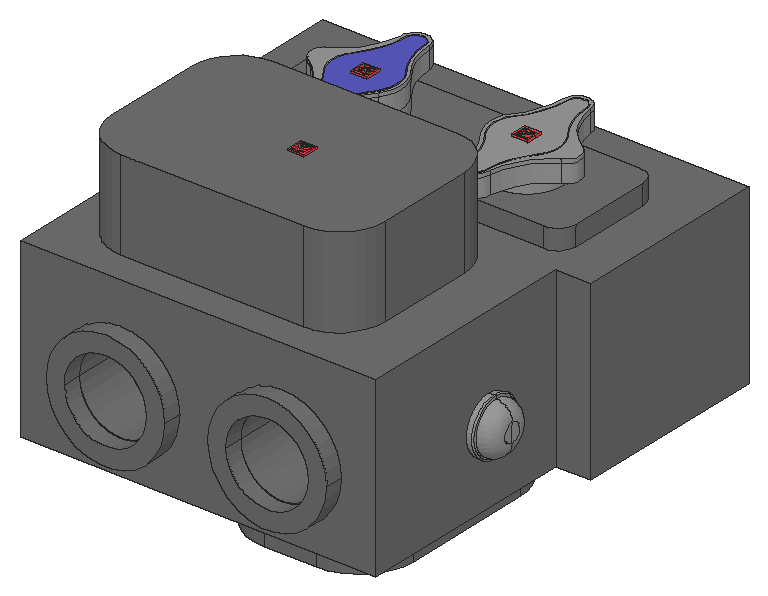
Revit family "HerzCon-Direktanschluss für FanCoils 90mm", category Rohrzubehör, Revit 2019
Family settings
  Bemaßung runder Anschluss = Durchmesser verwenden
  Teiletyp = Unterbricht
  OmniClass-Nummer = 23.65.55.14
  OmniClass-Titel = Valves for Liquid Services
  Arbeitsebenenbasiert = Nein
  Immer vertikal = Ja
  Beim Laden mit Abzugskörper schneiden = Nein
  Gemeinsam genutzt = Nein
Parameters (values of type "DN25")
  kvs-Wert (normale Funktion) = "2.75"  # constant formula
  kvs-Wert (Bypass Funktion) = "10.00"  # constant formula
  URL = "www.herz-armaturen.at"
  SCRNSEQ = "ARM;TYP_ARM=\"DURR\";02"
  SCRNCODE = "05;04;04"  # constant formula
  Nennweite SF [instance] = 32.00 mm  # constant formula
  Nennweite Kombi [instance] = 32.00 mm  # constant formula
  Nennweite KH [instance] = 25.00 mm  # constant formula
  Min. Betriebstemperatur = -20 °C  # constant formula
  Membrane und O-Ringe = "EPDM"  # constant formula
  Medium = "Heizungswasser gemäß ÖNORM H5195 oder VDI-Standard 2035.\r\nDie Verwendung von Ethylen- oder Propylenglykol-Gemischen in einem Verhältnis von 25-50 Vol.- % ist erlaubt."
  Max. Differenzdruck = 400000.0 Pa  # constant formula
  Max. Betriebstemperatur = 130 °C  # constant formula
  Max. Betriebsdruck = 2500000.0 Pa  # constant formula
  L11 = 14.00 mm  # constant formula
  L10 = 25.00 mm  # constant formula
  L09 = 16.00 mm  # constant formula
  L08 = 14.75 mm  # constant formula
  L07 = 12.50 mm  # constant formula
  L06 = 20.50 mm  # constant formula
  L04 = 45.00 mm  # constant formula
  L03 = 18.00 mm  # constant formula
  L02 = 4.80 mm  # constant formula
  L01 = 19.85 mm  # constant formula
  L00 [instance] = 189.70 mm  # constant formula
  L05 = 22.00 mm  # constant formula
  Isolierschalen = "EPP, wasserdampfdiffusionsdicht, schwarz"  # constant formula
  Hub = "4 mm"  # constant formula
  Hersteller = "HERZ Armaturen Ges.m.b.H."  # constant formula
  H02 = D02 + 1.00 mm  # 28.00 mm
  H01 = 39.50 mm  # constant formula
  Gehäuse = "entzinkungsbeständiges Messing"  # constant formula
  Dämmung [instance] = yes
  D11 = 20.00 mm  # constant formula
  D10 = 13.00 mm  # constant formula
  D09 = 18.90 mm  # constant formula
  D08 = 19.10 mm  # constant formula
  D07 = 14.85 mm  # constant formula
  D06 = 32.60 mm  # constant formula
  D05 = 33.80 mm  # constant formula
  D04 = 15.50 mm  # constant formula
  D03 = 21.25 mm  # constant formula
  D02 = 27.00 mm  # constant formula
  D01 = 15.00 mm  # constant formula
  Bestellnummer Isolierschale [instance] = 1470098  # constant formula
  Bestellnummer [instance] = 1460058  # constant formula
  Anwendungen = "Die HerzCON wurden entwickelt, um eine einfache Verbindung zu Gebläsekonvektoren oder anderen Anschlusseinheiten herzustellen.\r\nEin HerzCON ist eine Einheit, bestehend aus einem druckunabhängigen Kombiventil-Volumenstromregler (4006), Herz-Schmutzfänger, Herz-Entleerungshahn (2512) und zwei Herz-Multifunktionskugelhähnen.\r\nDas Ein-/ Aus Schalten sowie Modulieren ist über einen 0-10 V Stellantrieb möglich und kann bei Bedarf in eine GLT integriert werden.\r\nDie Einheit optimiert die Energieeffizienz des Systems, da es eine druckunabhängige Regelung ist, die den vollen Regelbereich unabhängig von Druckschwankungen gewährleistet, während gleichzeitig ein konstanter Durchfluss sichergestellt wird.\r\nMit der HerzCON können auch Spül- und Absperrvorgänge durchgeführt werden.\r\nEine Einheit kann für Heizen und Kühlen verwendet werden.\r\nEs gibt daher keinen Produktunterschied zwischen Heizen und Kühlen.\r\nDer am Sieb angebrachte Ablasshahn ermöglicht ein Spülen, ohne dass der Siebkorb entfernt werden muss.\r\nAußerdem kann der Siebkorb vor Ort gereinigt werden."
Reference planes
  plane 1 "Mitte (Vorne/hinten)": y = 0
  plane 2: z = 0
  plane 3 "Mitte (Links/rechts)": x = 0
Forms (mm)
  Revolve 1, solid, material "Messing, weicher Gelbton, geschweißt", detail levels fine
    sketch origin (-0.315, -1.436, 0) x (1, 0, 0) y (0, 1, 0)
      loop
        line (-94.535, 1.436) -> (95.165, 1.436) -> (95.165, 16.436) -> (75.315, 16.436) -> (75.315, 28.436) -> (23.115, 28.436) -> (23.115, 22.686) -> (18.315, 22.686) -> (18.315, 16.936) -> (-17.685, 16.936) -> (-17.685, 22.686) -> (-22.485, 22.686) -> (-22.485, 28.436) -> (-74.685, 28.436) -> (-74.685, 16.436) -> (-94.535, 16.436) -> (-94.535, 1.436)
      axis (95.165, 1.436) -> (-94.535, 1.436)
    angle from 0 to 360
  Revolve 2, solid, material "Messing, weicher Gelbton, geschweißt", detail levels fine
    sketch origin (0, 0, 0) x (1, 0, 0) y (0, 1, 0)
      loop
        line (-45, 28.35) -> (-57.5, 28.35) -> (-57.5, 47.45) -> (-65.5, 47.45) -> (-65.5, 32.6) -> (-67, 32.6) -> (-67, -33.8) -> (-59.75, -33.8) -> (-59.75, -45.7) -> (-70, -45.7) -> (-70, -65.7) -> (-61, -65.7) -> (-61, -52.7) -> (-45, -52.7) -> (-45, 28.35)
      axis (-45, 47.45) -> (-45, -65.7)
    angle from 0 to 360
  Revolve 3, solid, material "Messing, weicher Gelbton, geschweißt", detail levels fine
    sketch origin (0, 0, 0) x (-1, 0, 0) y (0, 1, 0)
      loop
        line (-45, 28.35) -> (-57.5, 28.35) -> (-57.5, 47.45) -> (-65.5, 47.45) -> (-65.5, 32.6) -> (-67, 32.6) -> (-67, -33.8) -> (-59.75, -33.8) -> (-59.75, -45.7) -> (-70, -45.7) -> (-70, -65.7) -> (-61, -65.7) -> (-61, -52.7) -> (-45, -52.7) -> (-45, 28.35)
      axis (-45, 47.45) -> (-45, -65.7)
    angle from 0 to 360
  Revolve 4, solid, material "Messing, weicher Gelbton, geschweißt", detail levels fine
    sketch origin (0, 0, 0) x (1, 0, 0) y (0, 0, 1)
      loop
        line (-45, 0) -> (-45, 39.5) -> (-59, 39.5) -> (-59, 0) -> (-45, 0)
      axis (-45, 0) -> (-45, 39.5)
    angle from 0 to 360
  Revolve 5, solid, material "Messing, weicher Gelbton, geschweißt", detail levels fine
    sketch origin (0, 0, 0) x (-1, 0, 0) y (0, 0, 1)
      loop
        line (-45, 0) -> (-45, 39.5) -> (-59, 39.5) -> (-59, 0) -> (-45, 0)
      axis (-45, 0) -> (-45, 39.5)
    angle from 0 to 360
  Revolve 6, solid, material "Messing, weicher Gelbton, geschweißt", detail levels fine
    sketch origin (0, 33.127, 0) x (1, 0, 0) y (0, 1, 0)
      loop
        line (45, -87.677) -> (29, -87.677) -> (29, -96.677) -> (30, -96.677) -> (30, -154.677) -> (29, -154.677) -> (29, -163.677) -> (45, -163.677) -> (45, -87.677)
      axis (45, -87.677) -> (45, -163.677)
    angle from 0 to 360
  Revolve 7, solid, material "Messing, weicher Gelbton, geschweißt", detail levels fine
    sketch origin (0, 0, 0) x (1, 0, 0) y (0, 1, 0)
      loop
        line (25, -92.55) -> (25, -107.55) -> (45, -107.55) -> (60, -111.55) -> (68, -111.55) -> (68, -107.55) -> (78, -107.55) -> (78, -105.55) -> (91, -105.55) -> (91, -106.55) -> (100, -106.55) -> (100, -92.55) -> (25, -92.55)
      axis (25, -92.55) -> (100, -92.55)
    angle from 0 to 360
  Revolve 8, solid, material "Messing, weicher Gelbton, geschweißt", detail levels fine
    sketch origin (0, 0, 0) x (1, 0, 0) y (0, 1, 0)
      loop
        line (25, -92.55) -> (11, -92.55) -> (11, -103.55) -> (15, -103.55) -> (15, -109.55) -> (25, -109.55) -> (25, -92.55)
      axis (11, -92.55) -> (25, -92.55)
    angle from 0 to 360
  Extrusion 9, solid, material "Messing, weicher Gelbton, geschweißt", detail levels fine
    sketch origin (0, 0, 0) x (0, 1, 0) y (0, 0, 1)
      loop
        line (-87.8, 46) -> (-97.3, 46) -> (-130.012, 27.114) -> (-134.762, 18.886) -> (-134.762, -18.886) -> (-130.012, -27.114) -> (-97.3, -46) -> (-87.8, -46) -> (-55.088, -27.114) -> (-50.338, -18.886) -> (-50.338, 18.886) -> (-55.088, 27.114) -> (-87.8, 46)
    from 11 to -10.6
  Revolve 10, solid, material "Messing, weicher Gelbton, geschweißt", detail levels fine
    sketch origin (0, 0, 0) x (1, 0, 0) y (0, 1, 0)
      loop
        line (-10.6, -92.55) -> (-10.6, -62.694) -> (-14.1, -75.05) -> (-14.1, -92.55) -> (-10.6, -92.55)
      axis (-14.1, -92.55) -> (-10.6, -92.55)
    angle from 0 to 360
  Extrusion 11, solid, material "Messing, weicher Gelbton, geschweißt", detail levels fine
    sketch origin (0, 0, 0) x (1, 0, 0) y (0, 0, 1)
      loop
        line (11, 8) -> (-6.1, 8)
        arc (-6.1, 8) -> (-14.1, 0) -> (-6.1, -8) r 8
        line (-6.1, -8) -> (11, -8) -> (11, 8)
    from 49.053 to 92.55
  Revolve 12, solid, material "Messing, weicher Gelbton, geschweißt", detail levels fine
    sketch origin (0, 0, 0) x (1, 0, 0) y (0, 1, 0)
      loop
        line (-13.1, -49.053) -> (-6.1, -49.053) -> (-6.1, -33.053) -> (-13.1, -33.053) -> (-13.1, -44.053) -> (-10.1, -44.053) -> (-10.1, -46.053) -> (-13.1, -46.053) -> (-13.1, -49.053)
      axis (-6.1, -33.053) -> (-6.1, -49.053)
    angle from 0 to 360
  Revolve 13, solid, material "Messing, weicher Gelbton, geschweißt", detail levels fine
    sketch origin (45, 0, 0) x (0, 1, 0) y (0, 0, 1)
      loop
        line (-107.55, 29) -> (-116.55, 29) -> (-116.55, 0) -> (-115.35, 0) -> (-115.35, -27) -> (-114.55, -27) -> (-114.55, -30) -> (-111.55, -30) -> (-111.55, -32) -> (-114.55, -32) -> (-114.55, -43) -> (-107.55, -43) -> (-107.55, 29)
      axis (-107.55, 29) -> (-107.55, -43)
    angle from 0 to 360
  Revolve 14, solid, material "Messing, weicher Gelbton, geschweißt", detail levels fine
    sketch origin (45, 0, 0) x (0, 1, 0) y (0, 0, 1)
      loop
        line (-68.55, 29) -> (-77.55, 29) -> (-77.55, 0) -> (-68.55, 0) -> (-68.55, 29)
      axis (-77.55, 29) -> (-77.55, 0)
    angle from 0 to 360
  Revolve 15, solid, material "Messing, weicher Gelbton, geschweißt", detail levels fine
    sketch origin (5.25, 97.957, 0) x (1, 0, 0) y (0, 1, 0)
      loop
        line (-50.25, -152.507) -> (-66.25, -152.507) -> (-66.25, -167.507) -> (-67.75, -167.507) -> (-67.75, -230.907) -> (-66.25, -230.907) -> (-66.25, -242.507) -> (-50.25, -242.507) -> (-50.25, -152.507)
      axis (-50.25, -152.507) -> (-50.25, -242.507)
    angle from 0 to 360
  Revolve 16, solid, material "Messing, weicher Gelbton, geschweißt", detail levels fine
    sketch origin (-45, -230.478, 0) x (0, 1, 0) y (0, 0, 1)
      loop
        arc (130.928, -23.913) -> (141.764, -20.377) -> (148.428, -11.13) r 18.37
        line (148.428, -11.13) -> (148.428, 3) -> (149.428, 4.812) -> (149.428, 32.5) -> (149.428, 34.5) -> (148.428, 34.5) -> (148.428, 36) -> (144.428, 36) -> (144.428, 49) -> (142.55, 50.084)
        arc (142.55, 50.084) -> (140.382, 52.622) -> (140.295, 55.959) r 5
        line (140.295, 55.959) -> (141.933, 61) -> (141.933, 76) -> (144.133, 76) -> (144.133, 77.5) -> (145.912, 77.5) -> (145.912, 84) -> (144.912, 86.5) -> (133.412, 86.5) -> (133.412, 89.5) -> (134.912, 89.5) -> (134.912, 91.5) -> (130.928, 91.5) -> (130.928, -23.913)
      axis (130.928, 91.5) -> (130.928, -23.913)
    angle from 0 to 360
  Extrusion 17, solid, material "Messing, weicher Gelbton, geschweißt", detail levels fine
    sketch origin (-1, -230.478, 0) x (0, 1, 0) y (0, 0, 1)
      loop
        circle (130.928, 65) r 5.5
    from -44 to -27
  Extrusion 18, solid, material "Kunststoff-Anthrazit/Schwarz", visible <- "Dämmung", detail levels fine
    sketch origin (-452.346, 0, 0) x (1, 0, 0) y (0, 1, 0)
      loop
        line (332.346, 64.5) -> (332.346, -45.5) -> (351.746, -45.5) -> (351.746, -170.5) -> (549.946, -170.5) -> (549.946, -45.5) -> (569.346, -45.5) -> (569.346, 64.5) -> (332.346, 64.5)
    from -42 to 56
  Extrusion 19, void
    sketch origin (0, 0, 0) x (0, 1, 0) y (0, 0, 1)
      loop
        circle (-92.55, 0) r 15
    from 117 to 32.451
  Extrusion 20, void
    sketch origin (0, 0, 0) x (1, 0, 0) y (0, 0, 1)
      loop
        circle (-45, 0) r 23
      loop
        circle (45, 0) r 23
    from 184.5 to -80
  Extrusion 21, solid, material "Kunststoff-Anthrazit/Schwarz", visible <- "Dämmung", detail levels fine
    sketch origin (0, 0, 0) x (1, 0, 0) y (0, 0, 1)
      loop
        circle (-45, 0) r 33
      loop
        circle (45, 0) r 33
    from 180.5 to 170.5
  Extrusion 22, solid, material "Kunststoff-Anthrazit/Schwarz", visible <- "Dämmung", detail levels fine
    sketch origin (0, 0, 0) x (1, 0, 0) y (0, 0, 1)
      loop
        circle (-45, 0) r 33
      loop
        circle (45, 0) r 33
    from -64.5 to -74.5
  Extrusion 23, solid, material "Kunststoff-Anthrazit/Schwarz", visible <- "Dämmung", detail levels fine
    sketch origin (0, 0, 0) x (1, 0, 0) y (0, 1, 0)
      loop
        line (43.2, -46.9) -> (-58.4, -46.9)
        arc (-58.4, -46.9) -> (-76.078, -54.222) -> (-83.4, -71.9) r 25
        line (-83.4, -71.9) -> (-83.4, -128)
        arc (-83.4, -128) -> (-76.078, -145.678) -> (-58.4, -153) r 25
        line (-58.4, -153) -> (43.2, -153)
        arc (43.2, -153) -> (60.878, -145.678) -> (68.2, -128) r 25
        line (68.2, -128) -> (68.2, -71.9)
        arc (68.2, -71.9) -> (60.878, -54.222) -> (43.2, -46.9) r 25
    from 56 to 106
  Extrusion 24, solid, material "Kunststoff-Anthrazit/Schwarz", visible <- "Dämmung", detail levels fine
    sketch origin (0, 0, 0) x (1, 0, 0) y (0, 1, 0)
      loop
        arc (81.5, -33.43) -> (88.571, -30.501) -> (91.5, -23.43) r 10
        line (91.5, -23.43) -> (91.5, 22.8)
        arc (91.5, 22.8) -> (88.571, 29.871) -> (81.5, 32.8) r 10
        line (81.5, 32.8) -> (-81.5, 32.8)
        arc (-81.5, 32.8) -> (-88.571, 29.871) -> (-91.5, 22.8) r 10
        line (-91.5, 22.8) -> (-91.5, -23.43)
        arc (-91.5, -23.43) -> (-88.571, -30.501) -> (-81.5, -33.43) r 10
        line (-81.5, -33.43) -> (81.5, -33.43)
    from 56 to 67
  Extrusion 25, solid, material "Kunststoff-Anthrazit/Schwarz", visible <- "Dämmung", detail levels fine
    sketch origin (0, 0, 0) x (1, 0, 0) y (0, 1, 0)
      loop
        arc (5.4, 1.85) -> (-15.813, -6.937) -> (-24.6, -28.15) r 30
        line (-24.6, -28.15) -> (-24.6, -102.9)
        arc (-24.6, -102.9) -> (-15.813, -124.113) -> (5.4, -132.9) r 30
        line (5.4, -132.9) -> (34.4, -132.9)
        arc (34.4, -132.9) -> (55.613, -124.113) -> (64.4, -102.9) r 30
        line (64.4, -102.9) -> (64.4, -28.15)
        arc (64.4, -28.15) -> (55.613, -6.937) -> (34.4, 1.85) r 30
        line (34.4, 1.85) -> (5.4, 1.85)
    from -42 to -76
Cuts and joins
  Extrusion 19, Extrusion 20 cuts Extrusion 18
  Extrusion 20 cuts Extrusion 21
  Extrusion 20 cuts Extrusion 22
Dimensions and locks
  "D04": Revolve 1 sketch curve to Revolve 1 sketch curve
  "D03": Revolve 1 sketch curve to Revolve 1 sketch curve  (x2)
  "D01": Revolve 1 sketch curve to Revolve 1 sketch curve  (x2)
  "D02": Revolve 1 sketch curve to Revolve 1 sketch curve  (x2)
  "L00": Revolve 1 sketch curve to Revolve 1 sketch curve
  "L01": Revolve 1 sketch curve to Revolve 1 sketch curve  (x2)
  "L02": Revolve 1 sketch curve to Revolve 1 sketch curve  (x2)
  equal spacing: Revolve 1 sketch curve, plane 3 "Mitte (Links/rechts)", Revolve 1 sketch curve
  "L03": Revolve 1 sketch curve to plane 3 "Mitte (Links/rechts)" to Revolve 1 sketch curve
  "L04": Revolve 2 sketch curve to plane 3 "Mitte (Links/rechts)"  (x2)
  "L05": Revolve 2 sketch curve to Revolve 2 sketch curve
  "D05": Revolve 2 sketch curve to plane 1 "Mitte (Vorne/hinten)"
  "D06": plane 1 "Mitte (Vorne/hinten)" to Revolve 2 sketch curve
  "L06": Revolve 2 sketch curve to Revolve 2 sketch curve
  "D07": Revolve 2 sketch curve to Revolve 2 sketch curve
  "D08": Revolve 2 sketch curve to Revolve 2 sketch curve
  "L07": Revolve 2 sketch curve to Revolve 2 sketch curve
  "L08": Revolve 2 sketch curve to Revolve 2 sketch curve
  "D09": Revolve 2 sketch curve to Revolve 2 sketch curve
  "D10": Revolve 2 sketch curve to Revolve 2 sketch curve
  "D11": Revolve 2 sketch curve to Revolve 2 sketch curve
  "L09": Revolve 2 sketch curve to Revolve 2 sketch curve
  "L10": Revolve 2 sketch curve to Revolve 2 sketch curve
  "L05": Revolve 3 sketch curve to Revolve 3 sketch curve
  "L06": Revolve 3 sketch curve to Revolve 3 sketch curve
  "D07": Revolve 3 sketch curve to Revolve 3 sketch curve
  "D08": Revolve 3 sketch curve to Revolve 3 sketch curve
  "L07": Revolve 3 sketch curve to Revolve 3 sketch curve
  "L08": Revolve 3 sketch curve to Revolve 3 sketch curve
  "D09": Revolve 3 sketch curve to Revolve 3 sketch curve
  "D10": Revolve 3 sketch curve to Revolve 3 sketch curve
  "D11": Revolve 3 sketch curve to Revolve 3 sketch curve
  "L09": Revolve 3 sketch curve to Revolve 3 sketch curve
  "L10": Revolve 3 sketch curve to Revolve 3 sketch curve
  "L04": plane 3 "Mitte (Links/rechts)" to Revolve 3 sketch curve  (x2)
  "D05": Revolve 3 sketch curve to plane 1 "Mitte (Vorne/hinten)"
  "D06": plane 1 "Mitte (Vorne/hinten)" to Revolve 3 sketch curve
  "H01": Revolve 4 sketch curve to plane 2
  "L04": plane 3 "Mitte (Links/rechts)" to Revolve 4 sketch curve  (x2)
  "L11": Revolve 4 sketch curve to Revolve 4 sketch curve
  "L11": Revolve 5 sketch curve to Revolve 5 sketch curve
  "L04": Revolve 5 sketch curve to plane 3 "Mitte (Links/rechts)"  (x2)
  "H01": Revolve 5 sketch curve to plane 2
  "L04": nested 3 to plane 3 "Mitte (Links/rechts)"
  "L04": plane 3 "Mitte (Links/rechts)" to nested 4
  "H02": nested 3 to plane 2
  "H02": nested 4 to plane 2
  "L04": plane 3 "Mitte (Links/rechts)" to Revolve 6 sketch curve  (x2)
  Revolve 6 sketch curve to Revolve 6 sketch curve = 16.00 mm  (x2)
  Revolve 6 sketch curve to Revolve 6 sketch curve = 15.00 mm
  Revolve 6 sketch curve to Revolve 6 sketch curve = 76.00 mm
  Revolve 6 sketch curve to Revolve 6 sketch curve = 9.00 mm  (x2)
  equal spacing: Revolve 6, Revolve 7 sketch curve, Revolve 6  (x2)
  Revolve 7 sketch curve to Revolve 7 sketch curve = 75.00 mm
  Revolve 7 sketch curve to Revolve 7 sketch curve = 9.00 mm
  Revolve 7 sketch curve to Revolve 7 sketch curve = 13.00 mm  (x2)
  Revolve 7 sketch curve to Revolve 7 sketch curve = 10.00 mm
  "L04": plane 3 "Mitte (Links/rechts)" to Revolve 7 sketch curve
  Revolve 7 sketch curve to Revolve 7 sketch curve = 14.00 mm
  Revolve 7 sketch curve to Revolve 7 sketch curve = 15.00 mm  (x2)
  Revolve 7 sketch curve to Revolve 7 sketch curve = 20.00 mm
  Revolve 7 sketch curve to Revolve 7 sketch curve = 35.00 mm
  Revolve 8 sketch curve to Revolve 7 = 20.00 mm
  equal spacing: Revolve 6, Revolve 8 sketch curve, Revolve 6  (x2)
  Revolve 8 sketch curve to Revolve 8 sketch curve = 17.00 mm
  Revolve 8 sketch curve to Revolve 8 sketch curve = 11.00 mm
  Revolve 8 sketch curve to Revolve 8 sketch curve = 14.00 mm
  Revolve 8 sketch curve to Revolve 8 sketch curve = 10.00 mm
  Revolve 6 to Extrusion 9 sketch curve = 4.212 mm
  Extrusion 9 sketch curve to Revolve 6 = 4.212 mm
  Extrusion 9 sketch curve to Extrusion 9 sketch curve = 84.424 mm
  equal spacing: Extrusion 9 sketch curve, level, Extrusion 9 sketch curve
  Extrusion 9 to Revolve 7 = 34.00 mm
  equal spacing: Revolve 6, Revolve 10 sketch curve, Revolve 6  (x2)
  Revolve 10 sketch curve to Revolve 10 sketch curve = 17.50 mm
  Revolve 10 sketch curve to Revolve 10 sketch curve = 29.856 mm
  Revolve 10 sketch curve to Extrusion 9 = 3.50 mm
  equal spacing: Revolve 6, nested 5, Revolve 6
  Revolve 7 to nested 5 = 46.00 mm
  Extrusion 9 to Revolve 10 = 25.10 mm
  Revolve 12 sketch curve to Revolve 12 sketch curve = 7.00 mm  (x2)
  Revolve 12 sketch curve to Revolve 12 sketch curve = 4.00 mm
  Revolve 12 sketch curve to Revolve 12 sketch curve = 3.00 mm
  Revolve 12 sketch curve to Revolve 12 sketch curve = 2.00 mm
  Revolve 12 sketch curve to Revolve 12 sketch curve = 11.00 mm
  Revolve 10 to Revolve 12 sketch curve = 1.00 mm
  Revolve 10 to Revolve 12 sketch curve = 8.00 mm
  Extrusion 11 to Revolve 12 sketch curve = 43.497 mm
  equal spacing: Revolve 6, Extrusion 11, Revolve 6
  Extrusion 11 to Extrusion 11 = 43.497 mm
  Revolve 3 to Revolve 6 = 178.00 mm
  Revolve 13 sketch curve to Revolve 13 sketch curve = 7.80 mm
  Revolve 13 sketch curve to Revolve 13 sketch curve = 9.00 mm
  Revolve 13 sketch curve to Revolve 13 sketch curve = 7.00 mm  (x2)
  Revolve 13 sketch curve to Revolve 13 sketch curve = 4.00 mm
  Revolve 13 sketch curve to Revolve 13 sketch curve = 3.00 mm
  Revolve 13 sketch curve to Revolve 13 sketch curve = 2.00 mm
  Revolve 13 sketch curve to Revolve 13 sketch curve = 11.00 mm
  "L04": plane 3 "Mitte (Links/rechts)" to Revolve 13
  Revolve 14 sketch curve to Revolve 14 sketch curve = 9.00 mm
  "L04": plane 3 "Mitte (Links/rechts)" to Revolve 14
  nested 7 to plane 2 = 29.00 mm
  nested 6 to plane 2 = 29.00 mm
  Revolve 15 sketch curve to Revolve 15 sketch curve = 11.60 mm
  Revolve 15 sketch curve to Revolve 15 sketch curve = 15.00 mm
  Revolve 15 sketch curve to Revolve 15 sketch curve = 90.00 mm
  Revolve 15 sketch curve to Revolve 15 sketch curve = 16.00 mm  (x2)
  Revolve 15 sketch curve to Revolve 15 sketch curve = 17.50 mm
  Revolve 15 to Revolve 16 sketch curve = 45.00 mm  (x2)
  Revolve 15 to Extrusion 17 sketch curve = 45.00 mm
  nested 8 to Revolve 15 = 45.00 mm
  plane 2 to Revolve 16 sketch curve = 23.913 mm
  Revolve 16 sketch curve to plane 2 = 34.50 mm
  Revolve 16 sketch curve to Revolve 16 sketch curve = 17.50 mm  (x2)
  Revolve 16 sketch curve to plane 2 = 4.812 mm
  Revolve 16 sketch curve to Revolve 16 sketch curve = 18.50 mm
  Revolve 16 sketch curve to Revolve 16 sketch curve = 1.50 mm
  Revolve 16 sketch curve to Revolve 16 sketch curve = 13.50 mm
  Revolve 16 sketch curve to Revolve 16 sketch curve = 13.00 mm
  "L04": Revolve 16 to plane 3 "Mitte (Links/rechts)"
  "L04": Revolve 15 sketch curve to plane 3 "Mitte (Links/rechts)"  (x2)
  Extrusion 17 to Extrusion 17 = 17.00 mm
  "L04": plane 3 "Mitte (Links/rechts)" to Extrusion 17
  Revolve 16 to Extrusion 17 sketch curve = 11.00 mm
  Extrusion 17 sketch curve to plane 2 = 65.00 mm
  Revolve 15 to Revolve 2 = 192.00 mm
  Extrusion 18 sketch curve to Extrusion 18 sketch curve = 237.00 mm
  Extrusion 18 sketch curve to Extrusion 18 sketch curve = 235.00 mm
  Extrusion 18 sketch curve to Extrusion 18 sketch curve = 19.40 mm  (x2)
  plane 1 "Mitte (Vorne/hinten)" to Extrusion 18 sketch curve = 64.50 mm
  Extrusion 18 sketch curve to Extrusion 18 sketch curve = 110.00 mm  (x2)
  cut or joined group of Extrusion 18, Extrusion 19, Extrusion 20 to Extrusion 19 sketch curve = 77.95 mm
  cut or joined group of Extrusion 18, Extrusion 19, Extrusion 20 to Extrusion 20 sketch curve = 52.00 mm
  cut or joined group of Extrusion 18, Extrusion 19, Extrusion 20 to Extrusion 20 sketch curve = 142.00 mm
  cut or joined group of Extrusion 18, Extrusion 19, Extrusion 20 to Extrusion 21 sketch curve = 42.00 mm
  cut or joined group of Extrusion 18, Extrusion 19, Extrusion 20 to Extrusion 21 sketch curve = 132.00 mm
  cut or joined group of Extrusion 18, Extrusion 19, Extrusion 20 to Extrusion 22 sketch curve = 42.00 mm
  cut or joined group of Extrusion 18, Extrusion 19, Extrusion 20 to Extrusion 22 sketch curve = 132.00 mm
  cut or joined group of Extrusion 18, Extrusion 19, Extrusion 20 to Extrusion 23 sketch curve = 17.50 mm
  cut or joined group of Extrusion 18, Extrusion 19, Extrusion 20 to Extrusion 23 sketch curve = 17.20 mm
  Extrusion 23 sketch curve to Extrusion 23 sketch curve = 151.60 mm
  Extrusion 23 sketch curve to Extrusion 23 sketch curve = 106.10 mm
  Extrusion 24 sketch curve to Extrusion 24 sketch curve = 66.23 mm
  Extrusion 24 sketch curve to Extrusion 24 sketch curve = 183.00 mm
  cut or joined group of Extrusion 18, Extrusion 19, Extrusion 20 to Extrusion 24 sketch curve = 28.50 mm
  Extrusion 24 sketch curve to cut or joined group of Extrusion 18, Extrusion 19, Extrusion 20 = 25.50 mm
  cut or joined group of Extrusion 18, Extrusion 19, Extrusion 20 to Extrusion 24 sketch curve = 31.70 mm
  cut or joined group of Extrusion 18, Extrusion 19, Extrusion 20 to Extrusion 25 sketch curve = 62.65 mm
  Extrusion 25 sketch curve to Extrusion 25 sketch curve = 134.75 mm
  Extrusion 25 sketch curve to cut or joined group of Extrusion 18, Extrusion 19, Extrusion 20 = 52.60 mm
  Extrusion 25 sketch curve to Extrusion 25 sketch curve = 89.00 mm
  equal spacing: Extrusion 23, nested 9, Extrusion 23
  nested 9 to plane 2 = 105.20 mm
  radius of Revolve 16 sketch curve = 18.37 mm
  radius of Extrusion 17 sketch curve = 5.50 mm
  diameter of Extrusion 19 sketch curve = 30.00 mm
  diameter of Extrusion 20 sketch curve = 46.00 mm  (x2)
  diameter of Extrusion 21 sketch curve = 66.00 mm  (x2)
  diameter of Extrusion 22 sketch curve = 66.00 mm  (x2)
  aligned and locked: level to plane 2
Automatic sketch dimensions
  Extrusion 11 sketch curve to level = 0.00 mm
  Extrusion 11 sketch curve to plane 3 "Mitte (Links/rechts)" = 6.10 mm
  plane 3 "Mitte (Links/rechts)" to Extrusion 11 sketch curve = 11.00 mm
  Extrusion 11 sketch curve to level = 8.00 mm
  Revolve 8 sketch curve to Revolve 8 sketch curve = 2.197 mm
  Revolve 8 sketch curve to Revolve 8 sketch curve = 3.212 mm
  level to Extrusion 9 sketch curve = 27.114 mm  (x2)
  Extrusion 9 sketch curve to Extrusion 9 sketch curve = 4.75 mm  (x4)
  Extrusion 9 sketch curve to level = 27.114 mm  (x2)
  Extrusion 9 sketch curve to Extrusion 9 sketch curve = 32.712 mm  (x2)
  Extrusion 9 sketch curve to Extrusion 9 sketch curve = 9.50 mm  (x2)
  Extrusion 9 sketch curve to Extrusion 9 sketch curve = 18.886 mm
  Extrusion 9 sketch curve to Extrusion 9 sketch curve = 8.227 mm  (x4)
  Revolve 10 sketch curve to plane 3 "Mitte (Links/rechts)" = 10.60 mm
  Revolve 10 sketch curve to Revolve 10 sketch curve = 0.00 mm  (x2)
  Revolve 12 sketch curve to Revolve 12 sketch curve = 1.775 mm
  Revolve 12 sketch curve to Revolve 12 sketch curve = 4.225 mm
  Revolve 13 sketch curve to level = 0.00 mm
  level to Revolve 13 sketch curve = 29.00 mm
  plane 1 "Mitte (Vorne/hinten)" to Revolve 13 sketch curve = 116.55 mm
  Revolve 13 sketch curve to level = 27.00 mm
  Revolve 13 sketch curve to Revolve 13 sketch curve = 7.00 mm
  Revolve 13 sketch curve to Revolve 13 sketch curve = 7.744 mm
  Revolve 13 sketch curve to Revolve 13 sketch curve = 8.256 mm
  Revolve 14 sketch curve to level = 0.00 mm
  level to Revolve 14 sketch curve = 29.00 mm
  plane 1 "Mitte (Vorne/hinten)" to Revolve 14 sketch curve = 77.55 mm
  Revolve 14 sketch curve to Revolve 14 sketch curve = 0.00 mm
  level to Revolve 14 sketch curve = 14.00 mm
  Revolve 14 sketch curve to Revolve 14 sketch curve = 5.00 mm
  Revolve 16 sketch curve to Revolve 16 sketch curve = 2.485 mm
  Revolve 16 sketch curve to Revolve 16 sketch curve = 1.50 mm  (x2)
  level to Revolve 16 sketch curve = 55.959 mm
  Revolve 16 sketch curve to Revolve 16 sketch curve = 4.133 mm
  level to Revolve 16 sketch curve = 61.00 mm
  Revolve 16 sketch curve to Revolve 16 sketch curve = 1.638 mm
  level to Revolve 16 sketch curve = 50.084 mm
  Revolve 16 sketch curve to Revolve 16 sketch curve = 1.878 mm
  Revolve 16 sketch curve to Revolve 16 sketch curve = 10.00 mm
  Revolve 16 sketch curve to Revolve 16 sketch curve = 2.50 mm  (x2)
  Revolve 16 sketch curve to Revolve 16 sketch curve = 1.00 mm
  Revolve 16 sketch curve to Revolve 16 sketch curve = 1.812 mm
  Revolve 16 sketch curve to Revolve 16 sketch curve = 2.00 mm  (x2)
  Revolve 16 sketch curve to Revolve 16 sketch curve = 15.00 mm
  Revolve 16 sketch curve to Revolve 16 sketch curve = 6.50 mm
  Revolve 16 sketch curve to Revolve 16 sketch curve = 3.00 mm
  Revolve 16 sketch curve to Revolve 16 sketch curve = 2.20 mm
  Revolve 16 sketch curve to Revolve 16 sketch curve = 1.316 mm
  Revolve 16 sketch curve to Revolve 16 sketch curve = 0.227 mm
  Extrusion 18 sketch curve to plane 3 "Mitte (Links/rechts)" = 120.00 mm
  Extrusion 19 sketch curve to level = 0.00 mm
  Extrusion 20 sketch curve to level = 0.00 mm  (x2)
  Extrusion 21 sketch curve to level = 0.00 mm  (x2)
  Extrusion 22 sketch curve to level = 0.00 mm  (x2)
  Extrusion 23 sketch curve to Extrusion 23 sketch curve = 25.00 mm  (x4)
  Extrusion 24 sketch curve to Extrusion 24 sketch curve = 10.00 mm  (x4)
  Extrusion 25 sketch curve to Extrusion 25 sketch curve = 30.00 mm
  plane 1 "Mitte (Vorne/hinten)" to Extrusion 25 sketch curve = 28.15 mm
  Extrusion 25 sketch curve to Extrusion 25 sketch curve = 29.00 mm  (x2)
  Revolve 1 sketch curve to plane 1 "Mitte (Vorne/hinten)" = 0.00 mm
  plane 1 "Mitte (Vorne/hinten)" to Revolve 1 sketch curve = 0.00 mm
  Revolve 1 sketch curve to Revolve 1 sketch curve = 1933.131 mm
  Revolve 1 sketch curve to Revolve 1 sketch curve = 1932.50 mm
  plane 1 "Mitte (Vorne/hinten)" to Revolve 2 sketch curve = 18.80 mm
  Revolve 2 sketch curve to Revolve 2 sketch curve = 12.268 mm
  Revolve 3 sketch curve to plane 1 "Mitte (Vorne/hinten)" = 18.80 mm
  Revolve 3 sketch curve to Revolve 3 sketch curve = 12.268 mm
  Revolve 4 sketch curve to level = 0.00 mm  (x2)
  Revolve 4 sketch curve to Revolve 4 sketch curve = 9.50 mm
  Revolve 5 sketch curve to level = 0.00 mm  (x2)
  Revolve 5 sketch curve to Revolve 5 sketch curve = 9.50 mm
  plane 1 "Mitte (Vorne/hinten)" to Revolve 6 sketch curve = 130.55 mm
  Revolve 6 sketch curve to Revolve 6 sketch curve = 6.00 mm
  Revolve 6 sketch curve to Revolve 6 sketch curve = 5.00 mm
  Revolve 7 sketch curve to Revolve 7 sketch curve = 4.00 mm
  Revolve 7 sketch curve to Revolve 7 sketch curve = 15.00 mm
  Revolve 7 sketch curve to Revolve 7 sketch curve = 11.575 mm
  plane 1 "Mitte (Vorne/hinten)" to Revolve 15 sketch curve = 144.55 mm
  Revolve 15 sketch curve to Revolve 15 sketch curve = 6.926 mm
  Revolve 15 sketch curve to Revolve 15 sketch curve = 10.00 mm
Nested families
  nested 1: "Herz-Logo-vorne" at (-0.315, -15.5, 0) x (0, 1, 0) z (0, 0, 1), type "Herz-Logo-vorne", detail levels fine
  nested 2: "Herz-Logo-vorne" at (-0.315, 15.5, 0) x (0, 1, 0) z (0, 0, 1), type "Herz-Logo-vorne", detail levels fine
  nested 3: "Handrad (blau) für HerzCon DN25-DN32" at (-45, 0, 28) x (0, -1, 0) z (0, 0, 1), type "Handrad (blau) für HerzCon DN25-DN32", detail levels fine
  nested 4: "Handrad (rot) für HerzCon DN25-DN32" at (45, 0, 28) x (0, 1, 0) z (0, 0, 1), type "Handrad (rot) für HerzCon DN25-DN32", detail levels fine
  nested 5: "Bauschutzkappe für HerCon" at (91, -92.55, 0), type "Bauschutzkappe für HerCon"
  nested 6: "Messstutzen_Band_Austritt_senkrecht_(oben)" at (45, -77.55, 11.5), type "Messstutzen_Band_Austritt_senkrecht_(oben)"
    with Schutzkappe yes, Nennweite 0.00 mm, Gewicht 0.00 kg, Bestellnummer 0
  nested 7: "Messstutzen_Band_Eintritt_senkrecht_(oben)" at (45, -107.55, 11.5), type "Messstutzen_Band_Eintritt_senkrecht_(oben)"
    with Schutzkappe yes, Nennweite 0.00 mm, Gewicht 0.00 kg, Bestellnummer 0
  nested 8: "Flügelgriff rot (seite)" at (-32.6, -99.55, 65), type "Flügelgriff rot (seite)"
  nested 9: "Herz-Logo" at (0, -99.95, 105.2), visible <- "Dämmung", type "Herz-Logo", detail levels fine
Connectors
  piping at (45, -130.55, 0), diameter 32, driven by "Nennweite Kombi"
    settings: on Revolve 6, index 1, connector inside diameter 609.6 mm, connector length 0.00 mm, flow factor 0, pipe flow 0.0 L/s, pressure drop 0.0 Pa, fitting loss kfactor 0, connector angle 0.00°, fixture units 0, engagement length 0.00 mm, angle of deflection 0.00°, flow configuration 0, flow direction 1, fitting loss method 0, system type 7, joint type 0, gender type 0, connector reference index -1, connector utility 0, adjustable connector no, is connector primary yes, connector description ""
  piping at (-45, -144.55, 0), diameter 32, driven by "Nennweite SF"
    settings: on Revolve 15, index 2, connector inside diameter 609.6 mm, connector length 0.00 mm, flow factor 0, pipe flow 0.0 L/s, pressure drop 0.0 Pa, fitting loss kfactor 0, connector angle 0.00°, fixture units 0, engagement length 0.00 mm, angle of deflection 0.00°, flow configuration 0, flow direction 2, fitting loss method 0, system type 8, joint type 0, gender type 0, connector reference index -1, connector utility 0, adjustable connector no, is connector primary no, connector description ""
  piping at (-45, 28.35, 0), diameter 25, driven by "Nennweite KH"
    settings: on Revolve 2, index 3, connector inside diameter 609.6 mm, connector length 0.00 mm, flow factor 0, pipe flow 0.0 L/s, pressure drop 0.0 Pa, fitting loss kfactor 0, connector angle 0.00°, fixture units 0, engagement length 0.00 mm, angle of deflection 0.00°, flow configuration 0, flow direction 1, fitting loss method 0, system type 8, joint type 0, gender type 0, connector reference index -1, connector utility 0, adjustable connector no, is connector primary no, connector description ""
  piping at (45, 28.35, 0), diameter 25, driven by "Nennweite KH"
    settings: on Revolve 3, index 4, connector inside diameter 609.6 mm, connector length 0.00 mm, flow factor 0, pipe flow 0.0 L/s, pressure drop 0.0 Pa, fitting loss kfactor 0, connector angle 0.00°, fixture units 0, engagement length 0.00 mm, angle of deflection 0.00°, flow configuration 0, flow direction 2, fitting loss method 0, system type 7, joint type 0, gender type 0, connector reference index -1, connector utility 0, adjustable connector no, is connector primary no, connector description ""
Definition of nested family "Herz-Logo-vorne"
  Reference planes
    plane 1 "Mitte (Vorne/hinten)": y = 0
    plane 2: z = 0
    plane 3 "Mitte (Links/rechts)": x = 0
  Forms (mm)
    Extrusion 1, solid
      sketch origin (0.732, -0.018, 0.017) x (0, -1, 0) y (0, 0, 1)
        loop
          line (-0.018, -4.517) -> (4.482, -4.517) -> (4.482, 4.483) -> (-4.518, 4.483) -> (-4.518, -4.517) -> (-0.018, -4.517)
        loop
          line (-0.05, -3.48) -> (3.482, -3.48) -> (3.482, 3.483) -> (-3.518, 3.483) -> (-3.518, -3.48) -> (-0.05, -3.48)
        loop
          arc (-0.018, 2.383) -> (-1.543, 3.287) -> (-3.067, 2.383) r 1.738
          arc (-3.067, 2.383) -> (-3.191, 1.899) -> (-3.067, 1.415) r 1.009
          line (-3.067, 1.415) -> (-0.018, -3.281) -> (3.032, 1.415)
          arc (3.032, 1.415) -> (3.156, 1.899) -> (3.032, 2.383) r 1.009
          arc (3.032, 2.383) -> (1.507, 3.287) -> (-0.018, 2.383) r 1.738
        loop
          arc (1.885, 1.272) -> (2.005, 1.675) -> (1.885, 2.079) r 0.74
          arc (1.885, 2.079) -> (1.265, 2.416) -> (0.644, 2.079) r 0.74
          line (0.644, 2.079) -> (-0.018, 0.97) -> (-0.679, 2.079)
          arc (-0.679, 2.079) -> (-1.3, 2.416) -> (-1.921, 2.079) r 0.74
          arc (-1.921, 2.079) -> (-2.04, 1.675) -> (-1.921, 1.272) r 0.74
          line (-1.921, 1.272) -> (-0.018, -1.658) -> (1.885, 1.272)
      from 0 to 1.5
  Dimensions and locks
    aligned and locked: level to plane 2
Definition of nested family "Handrad (blau) für HerzCon DN25-DN32"
  Reference planes
    plane 1 "Mitte (Vorne/hinten)": y = 0
    plane 2: z = 0
    plane 3 "Mitte (Links/rechts)": x = 0
  Forms (mm)
    Extrusion 1, solid, detail levels fine
      sketch origin (0, 0, 0) x (1, 0, 0) y (0, 1, 0)
        loop
          circle (0, 0) r 20
      from 0 to 45
    Extrusion 2, solid, detail levels fine
      sketch origin (0, 0, 0) x (1, 0, 0) y (0, 1, 0)
        loop
          arc (-35, 7.5) -> (-42.5, 0) -> (-35, -7.5) r 7.5
          arc (-35, -7.5) -> (-19.287, -13.2) -> (-7.275, -24.825) r 40
          arc (-7.275, -24.825) -> (0, -30) -> (7.275, -24.825) r 7.7
          arc (7.275, -24.825) -> (19.287, -13.2) -> (35, -7.5) r 40
          arc (35, -7.5) -> (42.5, 0) -> (35, 7.5) r 7.5
          arc (35, 7.5) -> (22.22, 10.127) -> (10.965, 16.726) r 40
          arc (10.965, 16.726) -> (0, 20) -> (-10.965, 16.726) r 20
          arc (-10.965, 16.726) -> (-22.22, 10.127) -> (-35, 7.5) r 40
      from 45 to 55
    Extrusion 3, solid, detail levels fine
      sketch origin (0, 0, 0) x (1, 0, 0) y (0, 1, 0)
        loop
          arc (-35, 7.5) -> (-42.5, 0) -> (-35, -7.5) r 7.5
          arc (-35, -7.5) -> (-19.287, -13.2) -> (-7.275, -24.825) r 40
          arc (-7.275, -24.825) -> (0, -30) -> (7.275, -24.825) r 7.7
          arc (7.275, -24.825) -> (19.287, -13.2) -> (35, -7.5) r 40
          arc (35, -7.5) -> (42.5, 0) -> (35, 7.5) r 7.5
          arc (35, 7.5) -> (22.22, 10.127) -> (10.965, 16.726) r 40
          arc (10.965, 16.726) -> (0, 20) -> (-10.965, 16.726) r 20
          arc (-10.965, 16.726) -> (-22.22, 10.127) -> (-35, 7.5) r 40
        loop
          arc (-34.965, 5.5) -> (-40.5, 0) -> (-34.965, -5.5) r 5.5
          arc (-34.965, -5.5) -> (-21.579, -8.231) -> (-9.777, -15.113) r 42
          arc (-9.777, -15.113) -> (0, -18) -> (9.777, -15.113) r 18
          arc (9.777, -15.113) -> (21.579, -8.231) -> (34.965, -5.5) r 42
          arc (34.965, -5.5) -> (40.5, 0) -> (34.965, 5.5) r 5.5
          arc (34.965, 5.5) -> (21.579, 8.231) -> (9.777, 15.113) r 42
          arc (9.777, 15.113) -> (0, 18) -> (-9.777, 15.113) r 18
          arc (-9.777, 15.113) -> (-21.579, 8.231) -> (-34.965, 5.5) r 42
      from 55 to 57
    Extrusion 4, solid, detail levels fine
      sketch origin (0, 0, 0) x (1, 0, 0) y (0, 1, 0)
        loop
          arc (-34.965, 5.5) -> (-40.5, 0) -> (-34.965, -5.5) r 5.5
          arc (-34.965, -5.5) -> (-21.579, -8.231) -> (-9.777, -15.113) r 42
          arc (-9.777, -15.113) -> (0, -18) -> (9.777, -15.113) r 18
          arc (9.777, -15.113) -> (21.579, -8.231) -> (34.965, -5.5) r 42
          arc (34.965, -5.5) -> (40.5, 0) -> (34.965, 5.5) r 5.5
          arc (34.965, 5.5) -> (21.579, 8.231) -> (9.777, 15.113) r 42
          arc (9.777, 15.113) -> (0, 18) -> (-9.777, 15.113) r 18
          arc (-9.777, 15.113) -> (-21.579, 8.231) -> (-34.965, 5.5) r 42
      from 55 to 57
  Dimensions and locks
    aligned and locked: level to plane 2
  Nested families
    nested 1: "Herz-Logo" at (0, 0, 56.5), type "Herz-Logo", detail levels fine
  Definition of nested family "Herz-Logo"
    Reference planes
      plane 1 "Mitte (Vorne/hinten)": y = 0
      plane 2: z = 0
      plane 3 "Mitte (Links/rechts)": x = 0
    Forms (mm)
      Extrusion 1, solid
        sketch origin (0, 0, 0) x (1, 0, 0) y (0, 1, 0)
          loop
            line (-0.018, -4.517) -> (4.482, -4.517) -> (4.482, 4.483) -> (-4.518, 4.483) -> (-4.518, -4.517) -> (-0.018, -4.517)
          loop
            line (-0.05, -3.48) -> (3.482, -3.48) -> (3.482, 3.483) -> (-3.518, 3.483) -> (-3.518, -3.48) -> (-0.05, -3.48)
          loop
            arc (-0.018, 2.383) -> (-1.543, 3.287) -> (-3.067, 2.383) r 1.738
            arc (-3.067, 2.383) -> (-3.191, 1.899) -> (-3.067, 1.415) r 1.009
            line (-3.067, 1.415) -> (-0.018, -3.281) -> (3.032, 1.415)
            arc (3.032, 1.415) -> (3.156, 1.899) -> (3.032, 2.383) r 1.009
            arc (3.032, 2.383) -> (1.507, 3.287) -> (-0.018, 2.383) r 1.738
          loop
            arc (1.885, 1.272) -> (2.005, 1.675) -> (1.885, 2.079) r 0.74
            arc (1.885, 2.079) -> (1.265, 2.416) -> (0.644, 2.079) r 0.74
            line (0.644, 2.079) -> (-0.018, 0.97) -> (-0.679, 2.079)
            arc (-0.679, 2.079) -> (-1.3, 2.416) -> (-1.921, 2.079) r 0.74
            arc (-1.921, 2.079) -> (-2.04, 1.675) -> (-1.921, 1.272) r 0.74
            line (-1.921, 1.272) -> (-0.018, -1.658) -> (1.885, 1.272)
        from 0 to 1.5
    Dimensions and locks
      aligned and locked: level to plane 2
Definition of nested family "Handrad (rot) für HerzCon DN25-DN32"
  Reference planes
    plane 1 "Mitte (Vorne/hinten)": y = 0
    plane 2: z = 0
    plane 3 "Mitte (Links/rechts)": x = 0
  Forms (mm)
    Extrusion 1, solid, detail levels fine
      sketch origin (0, 0, 0) x (1, 0, 0) y (0, 1, 0)
        loop
          circle (0, 0) r 20
      from 0 to 45
    Extrusion 2, solid, detail levels fine
      sketch origin (0, 0, 0) x (1, 0, 0) y (0, 1, 0)
        loop
          arc (-35, 7.5) -> (-42.5, 0) -> (-35, -7.5) r 7.5
          arc (-35, -7.5) -> (-19.287, -13.2) -> (-7.275, -24.825) r 40
          arc (-7.275, -24.825) -> (0, -30) -> (7.275, -24.825) r 7.7
          arc (7.275, -24.825) -> (19.287, -13.2) -> (35, -7.5) r 40
          arc (35, -7.5) -> (42.5, 0) -> (35, 7.5) r 7.5
          arc (35, 7.5) -> (22.22, 10.127) -> (10.965, 16.726) r 40
          arc (10.965, 16.726) -> (0, 20) -> (-10.965, 16.726) r 20
          arc (-10.965, 16.726) -> (-22.22, 10.127) -> (-35, 7.5) r 40
      from 45 to 55
    Extrusion 3, solid, detail levels fine
      sketch origin (0, 0, 0) x (1, 0, 0) y (0, 1, 0)
        loop
          arc (-35, 7.5) -> (-42.5, 0) -> (-35, -7.5) r 7.5
          arc (-35, -7.5) -> (-19.287, -13.2) -> (-7.275, -24.825) r 40
          arc (-7.275, -24.825) -> (0, -30) -> (7.275, -24.825) r 7.7
          arc (7.275, -24.825) -> (19.287, -13.2) -> (35, -7.5) r 40
          arc (35, -7.5) -> (42.5, 0) -> (35, 7.5) r 7.5
          arc (35, 7.5) -> (22.22, 10.127) -> (10.965, 16.726) r 40
          arc (10.965, 16.726) -> (0, 20) -> (-10.965, 16.726) r 20
          arc (-10.965, 16.726) -> (-22.22, 10.127) -> (-35, 7.5) r 40
        loop
          arc (-34.965, 5.5) -> (-40.5, 0) -> (-34.965, -5.5) r 5.5
          arc (-34.965, -5.5) -> (-21.579, -8.231) -> (-9.777, -15.113) r 42
          arc (-9.777, -15.113) -> (0, -18) -> (9.777, -15.113) r 18
          arc (9.777, -15.113) -> (21.579, -8.231) -> (34.965, -5.5) r 42
          arc (34.965, -5.5) -> (40.5, 0) -> (34.965, 5.5) r 5.5
          arc (34.965, 5.5) -> (21.579, 8.231) -> (9.777, 15.113) r 42
          arc (9.777, 15.113) -> (0, 18) -> (-9.777, 15.113) r 18
          arc (-9.777, 15.113) -> (-21.579, 8.231) -> (-34.965, 5.5) r 42
      from 55 to 57
    Extrusion 4, solid, detail levels fine
      sketch origin (0, 0, 0) x (1, 0, 0) y (0, 1, 0)
        loop
          arc (-34.965, 5.5) -> (-40.5, 0) -> (-34.965, -5.5) r 5.5
          arc (-34.965, -5.5) -> (-21.579, -8.231) -> (-9.777, -15.113) r 42
          arc (-9.777, -15.113) -> (0, -18) -> (9.777, -15.113) r 18
          arc (9.777, -15.113) -> (21.579, -8.231) -> (34.965, -5.5) r 42
          arc (34.965, -5.5) -> (40.5, 0) -> (34.965, 5.5) r 5.5
          arc (34.965, 5.5) -> (21.579, 8.231) -> (9.777, 15.113) r 42
          arc (9.777, 15.113) -> (0, 18) -> (-9.777, 15.113) r 18
          arc (-9.777, 15.113) -> (-21.579, 8.231) -> (-34.965, 5.5) r 42
      from 55 to 57
  Dimensions and locks
    aligned and locked: level to plane 2
  Nested families
    nested 1: "Herz-Logo" at (0, 0, 56.5), type "Herz-Logo", detail levels fine
  Definition of nested family "Herz-Logo"
    Reference planes
      plane 1 "Mitte (Vorne/hinten)": y = 0
      plane 2: z = 0
      plane 3 "Mitte (Links/rechts)": x = 0
    Forms (mm)
      Extrusion 1, solid
        sketch origin (0, 0, 0) x (1, 0, 0) y (0, 1, 0)
          loop
            line (-0.018, -4.517) -> (4.482, -4.517) -> (4.482, 4.483) -> (-4.518, 4.483) -> (-4.518, -4.517) -> (-0.018, -4.517)
          loop
            line (-0.05, -3.48) -> (3.482, -3.48) -> (3.482, 3.483) -> (-3.518, 3.483) -> (-3.518, -3.48) -> (-0.05, -3.48)
          loop
            arc (-0.018, 2.383) -> (-1.543, 3.287) -> (-3.067, 2.383) r 1.738
            arc (-3.067, 2.383) -> (-3.191, 1.899) -> (-3.067, 1.415) r 1.009
            line (-3.067, 1.415) -> (-0.018, -3.281) -> (3.032, 1.415)
            arc (3.032, 1.415) -> (3.156, 1.899) -> (3.032, 2.383) r 1.009
            arc (3.032, 2.383) -> (1.507, 3.287) -> (-0.018, 2.383) r 1.738
          loop
            arc (1.885, 1.272) -> (2.005, 1.675) -> (1.885, 2.079) r 0.74
            arc (1.885, 2.079) -> (1.265, 2.416) -> (0.644, 2.079) r 0.74
            line (0.644, 2.079) -> (-0.018, 0.97) -> (-0.679, 2.079)
            arc (-0.679, 2.079) -> (-1.3, 2.416) -> (-1.921, 2.079) r 0.74
            arc (-1.921, 2.079) -> (-2.04, 1.675) -> (-1.921, 1.272) r 0.74
            line (-1.921, 1.272) -> (-0.018, -1.658) -> (1.885, 1.272)
        from 0 to 1.5
    Dimensions and locks
      aligned and locked: level to plane 2
Definition of nested family "Bauschutzkappe für HerCon"
  Reference planes
    plane 1 "Mitte (Vorne/hinten)": y = 0
    plane 2: z = 0
    plane 3 "Mitte (Links/rechts)": x = 0
  Forms (mm)
    Revolve 1, solid, detail levels fine
      sketch origin (0, 0, 0) x (0, 0, 1) y (-1, 0, 0)
        loop
          line (0, 0) -> (-15.5, 0) -> (-15.5, -10.067)
          arc (-15.5, -10.067) -> (-15.733, -10.629) -> (-15.25, -11) r 0.5
          line (-15.25, -11) -> (-14.093, -11)
          arc (-14.093, -11) -> (-11.457, -17.364) -> (-5.093, -20) r 9
          line (-5.093, -20) -> (0, -20) -> (0, 0)
        axis (0, 0) -> (0, -20)
      angle from 0 to 360
  Dimensions and locks
    aligned and locked: level to plane 2
Definition of nested family "Messstutzen_Band_Austritt_senkrecht_(oben)"
  Parameters (values of type "Messstutzen_Band_Austritt_senkrecht_(oben)")
    URL = "www.herz-armaturen.at"
    Schutzkappe [instance] = yes
    Nennweite [instance] = 0.00 mm
    Manufacturer = "Herz Armaturen GmbH"  # constant formula
    Gewicht [instance] = 0.00 kg
    Bestellnummer [instance] = 0
  Reference planes
    plane 1 "Mitte (Vorne/hinten)": y = 0
    plane 2: z = 0
    plane 3 "Mitte (Links/rechts)": x = 0
    plane 4 "Schlaufe 1": z = -27
    plane 5 "Schlaufe 2": z = -31.678
  Forms (mm)
    Revolve 1, solid, detail levels fine
      sketch origin (0, 0, 0) x (1, 0, 0) y (0, 0, 1)
        loop
          line (-7.4, 9) -> (-5.55, 9) -> (-5.55, 6)
          arc (-5.55, 6) -> (-5.626, 5.617) -> (-5.843, 5.293) r 1
          line (-5.843, 5.293) -> (-6.455, 4.681) -> (-6.455, 0.9) -> (-5.555, 0) -> (-2, 0) -> (-2, 17.5) -> (-8.4, 17.5)
          arc (-8.4, 17.5) -> (-7.693, 17.207) -> (-7.4, 16.5) r 1
          line (-7.4, 16.5) -> (-7.4, 9)
        loop
          line (-3.7, 27) -> (-7.3, 27) -> (-7.9, 26.4) -> (-7.9, 23) -> (-2, 23) -> (-2, 35.8) -> (-3.805, 35.8) -> (-4.415, 35.19) -> (-4.415, 30.863) -> (-3.7, 30.45) -> (-3.7, 27)
        axis (0, 0) -> (0, 35.8)
      angle from 0 to 360
    Extrusion 2, solid, detail levels fine
      sketch origin (0, 0, 17.5) x (0, 1, 0) y (-1, 0, 0)
        loop
          arc (-7.07, 5.156) -> (-7.578, 4.375) -> (-8, 3.544) r 8.75
          line (-8, 3.544) -> (-8, -3.544)
          arc (-8, -3.544) -> (-7.578, -4.375) -> (-7.07, -5.156) r 8.75
          line (-7.07, -5.156) -> (-0.93, -8.7)
          arc (-0.93, -8.7) -> (0, -8.75) -> (0.93, -8.7) r 8.75
          line (0.93, -8.7) -> (7.07, -5.156)
          arc (7.07, -5.156) -> (7.578, -4.375) -> (8, -3.544) r 8.75
          line (8, -3.544) -> (8, 3.544)
          arc (8, 3.544) -> (7.578, 4.375) -> (7.07, 5.156) r 8.75
          line (7.07, 5.156) -> (0.93, 8.7)
          arc (0.93, 8.7) -> (0, 8.75) -> (-0.93, 8.7) r 8.75
          line (-0.93, 8.7) -> (-7.07, 5.156)
      from 0 to 5.5
    Revolve 3, solid, visible <- "Schutzkappe", detail levels fine
      sketch origin (0, 0, 0) x (1, 0, 0) y (0, 0, 1)
        loop
          line (0, 35.878) -> (0, 36.678) -> (-7, 36.678) -> (-7, 33.378) -> (-6.1, 33.378) -> (-6.1, 31.678) -> (-6.9, 31.678) -> (-6.9, 30.178) -> (-4.415, 30.178) -> (-4.415, 35.268) -> (-3.805, 35.878) -> (0, 35.878)
        axis (0, 30.178) -> (0, 36.678)
      angle from 0 to 360
    Extrusion 4, solid, detail levels fine
      sketch origin (0, 0, 28.5) x (1, 0, 0) y (0, 1, 0)
        loop
          circle (0, 0) r 3.7
        loop
          arc (-3.906, 5.505) -> (0, -6.75) -> (3.906, 5.505) r 6.75
          arc (3.906, 5.505) -> (2.358, 7.288) -> (1.8, 9.582) r 5
          line (1.8, 9.582) -> (-1.8, 9.582)
          arc (-1.8, 9.582) -> (-2.358, 7.288) -> (-3.906, 5.505) r 5
      from 0 to -1.5
    Extrusion 5, solid, detail levels fine
      sketch origin (0, 0, 33.178) x (1, 0, 0) y (0, 1, 0)
        loop
          circle (0, 0) r 6.1
        loop
          arc (-4.495, 8.652) -> (0, -9.75) -> (4.495, 8.652) r 9.75
          arc (4.495, 8.652) -> (2.527, 10.493) -> (1.8, 13.089) r 5
          line (1.8, 13.089) -> (-1.8, 13.089)
          arc (-1.8, 13.089) -> (-2.527, 10.493) -> (-4.495, 8.652) r 5
      from 0 to -1.5
    Sweep 6, solid, detail levels fine
      path origin (0, 0, 0) x (0, 0, -1) y (0, -1, 0)
        loop
          line (-27.75, -9.582) -> (-27.75, -14.522)
          arc (-27.75, -14.522) -> (-30.089, -16.862) -> (-32.428, -14.522) r 2.339
          line (-32.428, -14.522) -> (-32.428, -13.089)
      profile origin (0, 12.052, 27.75) x (0, 0, 1) y (1, 0, 0)
        loop
          line (-0.75, -1.8) -> (0.75, -1.8) -> (0.75, 1.8) -> (-0.75, 1.8) -> (-0.75, -1.8)
  Dimensions and locks
    aligned and locked: level to plane 2
Definition of nested family "Messstutzen_Band_Eintritt_senkrecht_(oben)"
  Parameters (values of type "Messstutzen_Band_Eintritt_senkrecht_(oben)")
    URL = "www.herz-armaturen.at"
    Schutzkappe [instance] = yes
    Nennweite [instance] = 0.00 mm
    Manufacturer = "Herz Armaturen GmbH"  # constant formula
    Gewicht [instance] = 0.00 kg
    Bestellnummer [instance] = 0
  Reference planes
    plane 1 "Mitte (Vorne/hinten)": y = 0
    plane 2: z = 0
    plane 3 "Mitte (Links/rechts)": x = 0
    plane 4 "Schlaufe 1": z = -27
    plane 5 "Schlaufe 2": z = -31.678
  Forms (mm)
    Revolve 1, solid, detail levels fine
      sketch origin (0, 0, 0) x (1, 0, 0) y (0, 0, 1)
        loop
          line (-7.4, 9) -> (-5.55, 9) -> (-5.55, 6)
          arc (-5.55, 6) -> (-5.626, 5.617) -> (-5.843, 5.293) r 1
          line (-5.843, 5.293) -> (-6.455, 4.681) -> (-6.455, 0.9) -> (-5.555, 0) -> (-2, 0) -> (-2, 17.5) -> (-8.4, 17.5)
          arc (-8.4, 17.5) -> (-7.693, 17.207) -> (-7.4, 16.5) r 1
          line (-7.4, 16.5) -> (-7.4, 9)
        loop
          line (-3.7, 27) -> (-7.3, 27) -> (-7.9, 26.4) -> (-7.9, 23) -> (-2, 23) -> (-2, 35.8) -> (-3.805, 35.8) -> (-4.415, 35.19) -> (-4.415, 30.863) -> (-3.7, 30.45) -> (-3.7, 27)
        axis (0, 0) -> (0, 35.8)
      angle from 0 to 360
    Extrusion 2, solid, detail levels fine
      sketch origin (0, 0, 17.5) x (0, 1, 0) y (-1, 0, 0)
        loop
          arc (-7.07, 5.156) -> (-7.578, 4.375) -> (-8, 3.544) r 8.75
          line (-8, 3.544) -> (-8, -3.544)
          arc (-8, -3.544) -> (-7.578, -4.375) -> (-7.07, -5.156) r 8.75
          line (-7.07, -5.156) -> (-0.93, -8.7)
          arc (-0.93, -8.7) -> (0, -8.75) -> (0.93, -8.7) r 8.75
          line (0.93, -8.7) -> (7.07, -5.156)
          arc (7.07, -5.156) -> (7.578, -4.375) -> (8, -3.544) r 8.75
          line (8, -3.544) -> (8, 3.544)
          arc (8, 3.544) -> (7.578, 4.375) -> (7.07, 5.156) r 8.75
          line (7.07, 5.156) -> (0.93, 8.7)
          arc (0.93, 8.7) -> (0, 8.75) -> (-0.93, 8.7) r 8.75
          line (-0.93, 8.7) -> (-7.07, 5.156)
      from 0 to 5.5
    Revolve 3, solid, visible <- "Schutzkappe", detail levels fine
      sketch origin (0, 0, 0) x (1, 0, 0) y (0, 0, 1)
        loop
          line (0, 35.878) -> (0, 36.678) -> (-7, 36.678) -> (-7, 33.378) -> (-6.1, 33.378) -> (-6.1, 31.678) -> (-6.9, 31.678) -> (-6.9, 30.178) -> (-4.415, 30.178) -> (-4.415, 35.268) -> (-3.805, 35.878) -> (0, 35.878)
        axis (0, 30.178) -> (0, 36.678)
      angle from 0 to 360
    Extrusion 4, solid, detail levels fine
      sketch origin (0, 0, 28.5) x (1, 0, 0) y (0, 1, 0)
        loop
          circle (0, 0) r 3.7
        loop
          arc (-3.906, 5.505) -> (0, -6.75) -> (3.906, 5.505) r 6.75
          arc (3.906, 5.505) -> (2.358, 7.288) -> (1.8, 9.582) r 5
          line (1.8, 9.582) -> (-1.8, 9.582)
          arc (-1.8, 9.582) -> (-2.358, 7.288) -> (-3.906, 5.505) r 5
      from 0 to -1.5
    Extrusion 5, solid, detail levels fine
      sketch origin (0, 0, 33.178) x (1, 0, 0) y (0, 1, 0)
        loop
          circle (0, 0) r 6.1
        loop
          arc (-4.495, 8.652) -> (0, -9.75) -> (4.495, 8.652) r 9.75
          arc (4.495, 8.652) -> (2.527, 10.493) -> (1.8, 13.089) r 5
          line (1.8, 13.089) -> (-1.8, 13.089)
          arc (-1.8, 13.089) -> (-2.527, 10.493) -> (-4.495, 8.652) r 5
      from 0 to -1.5
    Sweep 6, solid, detail levels fine
      path origin (0, 0, 0) x (0, 0, -1) y (0, -1, 0)
        loop
          line (-27.75, -9.582) -> (-27.75, -14.522)
          arc (-27.75, -14.522) -> (-30.089, -16.862) -> (-32.428, -14.522) r 2.339
          line (-32.428, -14.522) -> (-32.428, -13.089)
      profile origin (0, 12.052, 27.75) x (0, 0, 1) y (1, 0, 0)
        loop
          line (-0.75, -1.8) -> (0.75, -1.8) -> (0.75, 1.8) -> (-0.75, 1.8) -> (-0.75, -1.8)
  Dimensions and locks
    aligned and locked: level to plane 2
Definition of nested family "Flügelgriff rot (seite)"
  Reference planes
    plane 1 "Mitte (Vorne/hinten)": y = 0
    plane 2: z = 0
    plane 3 "Mitte (Links/rechts)": x = 0
  Forms (mm)
    Revolve 1, solid, detail levels fine
      sketch origin (0, 0, 0) x (1, 0, 0) y (0, 1, 0)
        loop
          line (0, 0) -> (0, -9.5) -> (11.143, -9.5)
          arc (11.143, -9.5) -> (11.82, -9.22) -> (12.1, -8.543) r 0.957
          line (12.1, -8.543) -> (12.1, -7.39)
          arc (12.1, -7.39) -> (12.352, -6.723) -> (12.983, -6.39) r 1.008
          line (12.983, -6.39) -> (17.616, -5.81)
          arc (17.616, -5.81) -> (18.248, -5.477) -> (18.5, -4.81) r 1.009
          line (18.5, -4.81) -> (18.5, 0) -> (0, 0)
        axis (18.5, 0) -> (0, 0)
      angle from 0 to 360
    Extrusion 2, solid, detail levels fine
      sketch origin (0, 0, 0) x (0, 1, 0) y (0, 0, 1)
        loop
          arc (-20, -0.627) -> (-19.829, -1.058) -> (-19.409, -1.256) r 0.63
          line (-19.409, -1.256) -> (-4, -2.231) -> (-4, 2.225) -> (-19.471, 1.312)
          arc (-19.471, 1.312) -> (-19.847, 1.137) -> (-20, 0.752) r 0.562
          line (-20, 0.752) -> (-20, -0.627)
        loop
          line (20, -0.627) -> (20, 0.752)
          arc (20, 0.752) -> (19.847, 1.137) -> (19.471, 1.312) r 0.562
          line (19.471, 1.312) -> (4.042, 2.223) -> (4.042, -2.228) -> (19.409, -1.256)
          arc (19.409, -1.256) -> (19.829, -1.058) -> (20, -0.627) r 0.63
      from 4.6 to 23.9
    Extrusion 3, void
      sketch origin (0, 0, 0) x (1, 0, 0) y (0, 1, 0)
        loop
          line (4.6, -9.5) -> (4.6, -20) -> (7.413, -20) -> (4.6, -9.5)
        loop
          line (4.6, 9.5) -> (7.413, 20) -> (4.6, 20) -> (4.6, 9.5)
      from 5 to -5
    Extrusion 4, void
      sketch origin (0, 0, 0) x (1, 0, 0) y (0, 1, 0)
        loop
          line (18.5, -5.5) -> (23.633, -14.401)
          arc (23.633, -14.401) -> (23.744, -16.174) -> (22.401, -17.336) r 2
          line (22.401, -17.336) -> (12.113, -20) -> (25.076, -20) -> (25.076, 20) -> (12.113, 20) -> (22.401, 17.336)
          arc (22.401, 17.336) -> (23.744, 16.174) -> (23.633, 14.401) r 2
          line (23.633, 14.401) -> (18.5, 5.5) -> (18.5, -5.5)
      from 5 to -5
  Cuts and joins
    Extrusion 3, Extrusion 4 cuts Extrusion 2
    Extrusion 4 cuts Revolve 1
  Dimensions and locks
    aligned and locked: level to plane 2
Definition of nested family "Herz-Logo"
  Reference planes
    plane 1 "Mitte (Vorne/hinten)": y = 0
    plane 2: z = 0
    plane 3 "Mitte (Links/rechts)": x = 0
  Forms (mm)
    Extrusion 1, solid
      sketch origin (0, 0, 0) x (1, 0, 0) y (0, 1, 0)
        loop
          line (-0.018, -4.517) -> (4.482, -4.517) -> (4.482, 4.483) -> (-4.518, 4.483) -> (-4.518, -4.517) -> (-0.018, -4.517)
        loop
          line (-0.05, -3.48) -> (3.482, -3.48) -> (3.482, 3.483) -> (-3.518, 3.483) -> (-3.518, -3.48) -> (-0.05, -3.48)
        loop
          arc (-0.018, 2.383) -> (-1.543, 3.287) -> (-3.067, 2.383) r 1.738
          arc (-3.067, 2.383) -> (-3.191, 1.899) -> (-3.067, 1.415) r 1.009
          line (-3.067, 1.415) -> (-0.018, -3.281) -> (3.032, 1.415)
          arc (3.032, 1.415) -> (3.156, 1.899) -> (3.032, 2.383) r 1.009
          arc (3.032, 2.383) -> (1.507, 3.287) -> (-0.018, 2.383) r 1.738
        loop
          arc (1.885, 1.272) -> (2.005, 1.675) -> (1.885, 2.079) r 0.74
          arc (1.885, 2.079) -> (1.265, 2.416) -> (0.644, 2.079) r 0.74
          line (0.644, 2.079) -> (-0.018, 0.97) -> (-0.679, 2.079)
          arc (-0.679, 2.079) -> (-1.3, 2.416) -> (-1.921, 2.079) r 0.74
          arc (-1.921, 2.079) -> (-2.04, 1.675) -> (-1.921, 1.272) r 0.74
          line (-1.921, 1.272) -> (-0.018, -1.658) -> (1.885, 1.272)
      from 0 to 1.5
  Dimensions and locks
    aligned and locked: level to plane 2
